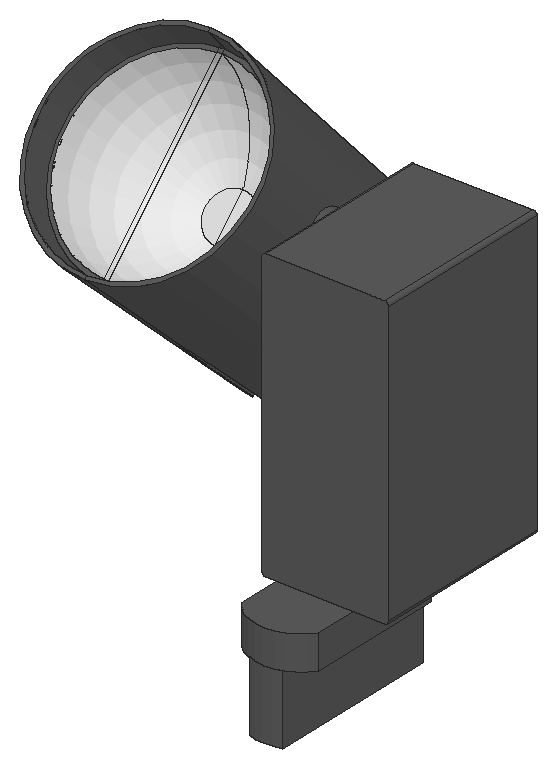
Revit family "0004848 Feilo Sylvania Lighting Fixture START TRACK SPOT S 14W 4K RA80 MB BLACK", category Lighting Fixtures, host Face, Revit 2017
Family settings
  Host = Face
  Round Connector Dimension = Use Diameter
  Part Type = Normal
  OmniClass Number = 23.80.70.00
  OmniClass Title = Lighting
  Cut with Voids When Loaded = No
  Light Source = No
  Shared = No
  Room Calculation Point = No
Parameters (values of type "0004848 START TRACK SPOT S 14W 4K RA80 MB BLACK")
  Weight = "0.94 kg"
  Wattage Comments = ""
  WarrantyStartDate [instance] = "n/a"
  WarrantyGuarantorParts = "n/a"
  WarrantyDurationUnit = "n/a"
  WarrantyDurationParts = "n/a"
  WarrantyDescription = "n/a"
  Voltage = 230 V
  URL = "http://www.sylvania-lighting.com"
  TypeName = "START TRACK SPOT S 14W 4K RA80 MB BLACK"
  TypeHead_FEILO = Start Track Spot Head : 0004848 START TRACK SPOT S 14W 4K RA80 MB BLACK
  TypeBox_FEILO = Start Track Spot Box : Type Small Black
  Type Image = <None>
  Type Comments = "n/a"
  VerticalRotation_FEILO [instance] = 0.00°
  SlideEndAngle_FEILO [instance] = VerticalRotation_FEILO + 180.00°  # 180.00°
  SerialNumber [instance] = "n/a"
  Material_3_FEILO = none
  PowerFactor = 0.92
  PowerConsumption = "14 W"
  NominalLength = 0 mm
  NominalHeight = 200 mm
  NominalDepth = 140 mm
  Name = "START TRACK SPOT S 14W 4K RA80 MB BLACK"
  ModelReference = Name  # "START TRACK SPOT S 14W 4K RA80 MB BLACK"
  ModelNumber = "0004848"
  Model = Name  # "START TRACK SPOT S 14W 4K RA80 MB BLACK"
  Material = "adc12 aluminium housing, polycarbonate diffuser"
  ManufacturerName = "Feilo Sylvania"
  Manufacturer = "Feilo Sylvania"
  LuminousEfficacy = "114 lm/W"
  LuminaireType = ""
  LightOutputRatio = "100"
  LampsType = Lamp  # "LED"
  LampNominalLuminous = "1598 lm"
  LampMacAdamStep = "3"
  LampColourTemperature = "4000 K"
  LampColourRenderingIndex = "80"
  Lamp = "LED"
  Keynote = "16500"
  InstallationDate [instance] = "n/a"
  InputVoltage = "230-240V~"
  InputNominalFrequency = "50/60 Hz"
  IngressProtection = "IP20"
  ImpactProtectionIndex = "IK02"
  IfcExportType = "IfcLightFixtureType"
  IfcExportAs = "IfcLightFixtureType"
  HorizontalRotation_FEILO [instance] = 45.00°
  ExpectedLife = 50000
  ElectricShockClassification = "Class II"
  DurationUnit = "hours"
  DocumentationLiterature = "http://www.sylvania-lighting.com/product/en-int/products/0004848"
  DimmingControlOptions = "Non dimmable"
  Material_2_FEILO = none
  Description = "Integrated LED spotlight, Textured Black - RAL9005, compact and minimalist design, ideal for retail applications, die-cast aluminium body, passive cooling heatsink. Beam angle: 36°, color temperature: 4000K , total system power: 14W, total fixture output: 1598 lm, LOR: 100%, colour rendering: Ra: 80 typical, LED Chromaticity: 3 step MacAdam ellipse, lifetime: >50000 hours at L70B50, energy class: A++, A+, A, IR/UV free light source without heat radiation, operating voltage: 220-240V / 50-60Hz, drive current: 350mA, electronic driver, non-dimmable, power factor: 0.92, electrical protection: Class II, Global Track 3 Phase adapter suitable for Global trac 3-circuit tracks, ingress protection rating: IP20, suitable for internal environment only, horizontal rotation: 355°, vertical tilt: 90°, dimensions: Ø86x140x200, weight: 0.940kg."
  Default Elevation = 1219.2 mm
  CreatedOn = "12/12/2017"
  CreatedBy = ""
  Cost = 0
  built-in parameter 1114216 [instance] = (empty or 0)
  ClassificationValue = "EF_70_80"
  ClassificationName = "Uniclass2015"
  Material_1_FEILO = Body-Sylvania-StartTrackSpot-Black
  BarCode [instance] = "n/a"
  AssetType = "Fixed"
  AssetIdentifier [instance] = "n/a"
  Assembly Code = "D5020200"
  Apparent Load = 14 VA
  Material_4_FEILO = none
Reference planes
  plane 1 "Center (Front/Back)": y = 0
  plane 2: z = 0
  plane 3 "Center (Left/Right)": x = 0
  plane 4: x = 15
  plane 5: x = -15
  plane 6: y = 35
  plane 7: y = -35
  plane 8: z = 13
  plane 9: z = -27
  plane 10: x = 6.5
  plane 11: x = -6.5
  plane 12: y = 27
  plane 13: y = -27
  plane 14: y = 20
Forms (mm)
  Extrusion 1, solid, material "Body-Sylvania-StartTrackSpot-Black" <- "Material_1_FEILO"
    sketch origin (0, 0, 0) x (1, 0, 0) y (0, 1, 0)
      loop
        line (-15, 27) -> (-15, -27)
        arc (-15, -27) -> (0, -35) -> (15, -27) r 18.062
        line (15, -27) -> (15, 27)
        arc (15, 27) -> (0, 35) -> (-15, 27) r 18.062
    from 0 to 13
  Extrusion 2, solid, material "Body-Sylvania-StartTrackSpot-Black" <- "Material_1_FEILO"
    sketch origin (0, 0, 0) x (1, 0, 0) y (0, 1, 0)
      loop
        arc (6.5, 33.79) -> (0, 35) -> (-6.5, 33.79) r 18.062
        line (-6.5, 33.79) -> (-6.5, -33.79)
        arc (-6.5, -33.79) -> (0, -35) -> (6.5, -33.79) r 18.062
        line (6.5, -33.79) -> (6.5, 33.79)
    from 0 to -27
  Revolve 3, solid, not visible
    sketch origin (1524, 20, 1219.2) x (1, 0, 0) y (0, 0, 1)
      loop
        line (-1524, -1206.2) -> (-1524, -1191.285) -> (-1530.5, -1191.285) -> (-1530.5, -1206.2) -> (-1524, -1206.2)
      axis (-1524, -1191.285) -> (-1524, -1206.2)
    angle from 0 <- "VerticalRotation_FEILO" to 180 <- "SlideEndAngle_FEILO"
Cuts and joins
  joined: Extrusion 1, Extrusion 2
Dimensions and locks
  equal spacing: plane 10, plane 3 "Center (Left/Right)", plane 11
  equal spacing: plane 4, plane 3 "Center (Left/Right)", plane 5
  locked: plane 8 to plane 2 at 13
  locked: plane 8 to plane 9 at 40
  equal spacing: plane 13, plane 1 "Center (Front/Back)", plane 12
  locked: plane 12 to plane 6 at 8
  locked: plane 14 to plane 6 at 15
  locked: Revolve 3 sketch curve to plane 8 at 14.915
  aligned and locked: plane 2 to host face
  aligned and locked: level to host face
  aligned and locked: plane 5 to Extrusion 1 sketch curve  (x2)
  aligned and locked: plane 12 to Extrusion 1 sketch curve
  aligned and locked: plane 13 to Extrusion 1 sketch curve
  aligned and locked: plane 4 to Extrusion 1 sketch curve
  aligned and locked: Extrusion 1 to plane 8
  aligned and locked: Extrusion 1 to level
  aligned and locked: Extrusion 2 sketch curve to Extrusion 1  (x2)
  aligned and locked: Extrusion 2 sketch curve to plane 11
  aligned and locked: plane 10 to Extrusion 2 sketch curve
  aligned and locked: plane 9 to Extrusion 2
  aligned and locked: level to Extrusion 2
  aligned and locked: Revolve 3 sketch curve to plane 3 "Center (Left/Right)"  (x2)
  aligned and locked: plane 11 to Revolve 3 sketch curve
  aligned and locked: Revolve 3 sketch curve to plane 8
Automatic sketch dimensions
  host sketch curve to host sketch curve = 2438.4 mm  (x2)
  Extrusion 1 sketch curve to plane 3 "Center (Left/Right)" = 0 mm  (x2)
  Extrusion 1 sketch curve to plane 13 = 10.062 mm
  plane 12 to Extrusion 1 sketch curve = 10.062 mm
  Revolve 3 sketch curve to plane 3 "Center (Left/Right)" = 0 mm
  plane 9 to Revolve 3 sketch curve = 582.6 mm
  Revolve 3 sketch curve to Revolve 3 sketch curve = 2581.144 mm
Nested families
  nested 1: "Start Track Spot Head" at (-62, 20, 112.529) x (0, 0.7071, 0.7071) z (0, 0.7071, -0.7071), type <- "TypeHead_FEILO", type "0004848 START TRACK SPOT S 14W 4K RA80 MB BLACK"
    with built-in parameter 1114216 (empty or 0)
  nested 2: "Start Track Spot Box" at (8.5, 20, 73) x (-1, 0, 0) z (0, -1, 0), BoxStartAngle_FEILO <- "HorizontalRotation_FEILO", type <- "TypeBox_FEILO", type "Type Small Black"
    with BoxStartAngle_FEILO 45.00°, BoxEndAngle_FEILO -135.00°
Connectors
  electrical at (0, 0, 0), driven by "Apparent Load", driven by "PowerFactor", driven by "Voltage"
    settings: index 1, voltage 230 V, apparent load 14 VA, apparent load phase1 0 VA, apparent load phase2 0 VA, apparent load phase3 0 VA, power factor 0.92, load classification "Lighting", number of poles 1, system type 30, power factor state 1, is connector primary yes, connector utility no, sub classification motor no, connector description ""
Definition of nested family "Start Track Spot Head"
  Parameters (values of type "0004811 START TRACK SPOT S 14W 3K RA80 NB WHITE")
    Wattage Comments = "n/a"
    Wattage = 14 W
    built-in parameter 1150110 = 1 (stored number, unit not read)
    URL = "http://www.feilosylvania.com"
    Type Image = (empty or 0)
    Type Comments = "n/a"
    built-in parameter 1114217 = 1 (stored number, unit not read)
    Tilt Angle = -90.00°
    built-in parameter 1150109 = 1 (stored number, unit not read)
    built-in parameter 1150134 = (empty or 0)
    built-in parameter 1150113 = 1 (stored number, unit not read)
    Photometric Web File = "0004811.ies"
    Material_3_FEILO = none
    Model = "START TRACK SPOT S 14W 3K RA80 NB WHITE"
    Manufacturer = "Feilo Sylvania"
    built-in parameter 1150105 = 123.66 (stored number, unit not read)
    Lumens = 1554 lm
    built-in parameter 1150115 = 1 (stored number, unit not read)
    built-in parameter 1150137 = (empty or 0)
    built-in parameter 1150139 = (empty or 0)
    built-in parameter 1150112 = 1 (stored number, unit not read)
    built-in parameter 1150114 = 1 (stored number, unit not read)
    Lamp = "LED"
    Keynote = "16500"
    Material_2_FEILO = none
    built-in parameter 1150132 = (empty or 0)
    built-in parameter 1150102 = (empty or 0)
    built-in parameter 1150107 = 3000 (stored number, unit not read)
    built-in parameter 1150138 = (empty or 0)
    built-in parameter 1150106 = 1.2366 (stored number, unit not read)
    HeadThickness_FEILO = if(HeadDiaOut_FEILO > 112 mm, 2 mm, 1.5 mm)  # 1.5 mm
    HeadRibOffset_FEILO = HeadHeight_FEILO / 28  # 4.179 mm
    HeadRibDepth_FEILO = HeadHeight_FEILO / 2.1  # 55.714 mm
    HeadRibCutWidth_FEILO = HeadDiaOut_FEILO / 12  # 7.167 mm
    HeadRibCutOffset_FEILO = HeadHeight_FEILO / 2.3  # 50.87 mm
    HeadReflectorRadius_FEILO = HeadDiaOut_FEILO / 1.7  # 50.588 mm
    HeadReflectorOffset_FEILO = HeadHeight_FEILO / 2.1  # 55.714 mm
    HeadLEDRadius_FEILO = HeadDiaOut_FEILO / 9  # 9.556 mm
    HeadHeight_FEILO = 117 mm
    HeadDraft_FEILO = 1 mm
    HeadDiffusorThickness_FEILO = 3 mm
    HeadDiffusorOffset_FEILO = HeadHeight_FEILO / 12.4  # 9.435 mm
    HeadDiaOut_FEILO = 86 mm
    HeadDiaIn_FEILO = HeadDiaOut_FEILO / 1.11  # 77.477 mm
    HeadAxisFromTop_FEILO = HeadHeight_FEILO / 1.687  # 69.354 mm
    Emit from Circle Diameter = HeadDiaIn_FEILO  # 77.477 mm
    Emit Shape Visible in Rendering = no
    built-in parameter 1150104 = 10.312 (stored number, unit not read)
    Dimming Lamp Color Temperature Shift = (empty or 0)
    Description = "Integrated LED spotlight, Textured White - RAL9016, compact and minimalist design, ideal for retail applications, die-cast aluminium body, passive cooling heatsink. Beam angle: 12°, color temperature: 3000K , total system power: 14W, total fixture output: 1551 lm, LOR: 100%, colour rendering: Ra: 80 typical, LED Chromaticity: 3 step MacAdam ellipse, lifetime: >50000 hours at L70B50, energy class: A++, A+, A, IR/UV free light source without heat radiation, operating voltage: 220-240V / 50-60Hz, drive current: 350mA, electronic driver, non-dimmable, power factor: 0.92, electrical protection: Class II, Global Track 3 Phase adapter suitable for Global trac 3-circuit tracks, ingress protection rating: IP20, suitable for internal environment only, horizontal rotation: 355°, vertical tilt: 90°, dimensions: Ø86x140x200, weight: 0.940kg."
    Default Elevation = 1219.2 mm
    Cost = 0
    Color Filter = 16777215
    built-in parameter 1114216 [instance] = (empty or 0)
    Material_1_FEILO = none
    built-in parameter 1114218 = 1 (stored number, unit not read)
    built-in parameter 1150133 = 10 (stored number, unit not read)
    Assembly Code = "D5020200"
    Apparent Load = 14 VA
    Material_4_FEILO = none
  Types (96, lengths in mm): name | Wattage | built-in parameter 1150134 | Photometric Web File | Model | built-in parameter 1150105 | Lumens | built-in parameter 1150107 | built-in parameter 1150106 | HeadThickness_FEILO | HeadRibOffset_FEILO | HeadRibDepth_FEILO | HeadRibCutWidth_FEILO | HeadRibCutOffset_FEILO | HeadReflectorRadius_FEILO | HeadReflectorOffset_FEILO | HeadLEDRadius_FEILO | HeadHeight_FEILO | HeadDiffusorOffset_FEILO | HeadDiaOut_FEILO | HeadDiaIn_FEILO | HeadAxisFromTop_FEILO | Emit from Circle Diameter | built-in parameter 1150104 | Description | Apparent Load
    0004906 START TRACK SPOT L 55W 4K RA90 WB BLACK | 55 W | 12 | "0004906.ies" | "START TRACK SPOT L 55W 4K RA90 WB BLACK" | 385.15 (stored number, unit not read) | 4840 lm | 4000 (stored number, unit not read) | 3.8515 (stored number, unit not read) | 2 | 4.429 | 59.048 | 9.417 | 53.913 | 66.471 | 59.048 | 12.556 | 124 | 10 | 113 | 101.802 | 73.503 | 101.802 | 8.1755 (stored number, unit not read) | "Integrated LED spotlight, Textured Black - RAL9005, compact and minimalist design, ideal for retail applications, die-cast aluminium body, passive cooling heatsink. Beam angle: 52°, color temperature: 4000K , total system power: 55W, total fixture output: 4824 lm, LOR: 100%, colour rendering: Ra: 90 typical, LED Chromaticity: 3 step MacAdam ellipse, lifetime: >50000 hours at L70B50, energy class: A++, A+, A, IR/UV free light source without heat radiation, operating voltage: 220-240V / 50-60Hz, drive current: 1400mA, electronic driver, non-dimmable, power factor: 0.96, electrical protection: Class II, Global Track 3 Phase adapter suitable for Global trac 3-circuit tracks, ingress protection rating: IP20, suitable for internal environment only, horizontal rotation: 355°, vertical tilt: 90°, dimensions: Ø113x164x240, weight: 1.398kg." | 55 VA
    0004905 START TRACK SPOT L 55W 4K RA90 MB BLACK | 55 W | 12 | "0004905.ies" | "START TRACK SPOT L 55W 4K RA90 MB BLACK" | 389.53 (stored number, unit not read) | 4895 lm | 4000 (stored number, unit not read) | 3.8953 (stored number, unit not read) | 2 | 4.429 | 59.048 | 9.417 | 53.913 | 66.471 | 59.048 | 12.556 | 124 | 10 | 113 | 101.802 | 73.503 | 101.802 | 8.2684 (stored number, unit not read) | "Integrated LED spotlight, Textured Black - RAL9005, compact and minimalist design, ideal for retail applications, die-cast aluminium body, passive cooling heatsink. Beam angle: 38°, color temperature: 4000K , total system power: 55W, total fixture output: 4897 lm, LOR: 100%, colour rendering: Ra: 90 typical, LED Chromaticity: 3 step MacAdam ellipse, lifetime: >50000 hours at L70B50, energy class: A++, A+, A, IR/UV free light source without heat radiation, operating voltage: 220-240V / 50-60Hz, drive current: 1400mA, electronic driver, non-dimmable, power factor: 0.96, electrical protection: Class II, Global Track 3 Phase adapter suitable for Global trac 3-circuit tracks, ingress protection rating: IP20, suitable for internal environment only, horizontal rotation: 355°, vertical tilt: 90°, dimensions: Ø113x164x240, weight: 1.398kg." | 55 VA
    0004904 START TRACK SPOT L 55W 4K RA90 NB BLACK | 55 W | 12 | "0004904.ies" | "START TRACK SPOT L 55W 4K RA90 NB BLACK" | 393.91 (stored number, unit not read) | 4950 lm | 4000 (stored number, unit not read) | 3.9391 (stored number, unit not read) | 2 | 4.429 | 59.048 | 9.417 | 53.913 | 66.471 | 59.048 | 12.556 | 124 | 10 | 113 | 101.802 | 73.503 | 101.802 | 8.3613 (stored number, unit not read) | "Integrated LED spotlight, Textured Black - RAL9005, compact and minimalist design, ideal for retail applications, die-cast aluminium body, passive cooling heatsink. Beam angle: 15°, color temperature: 4000K , total system power: 55W, total fixture output: 4965 lm, LOR: 100%, colour rendering: Ra: 90 typical, LED Chromaticity: 3 step MacAdam ellipse, lifetime: >50000 hours at L70B50, energy class: A++, A+, A, IR/UV free light source without heat radiation, operating voltage: 220-240V / 50-60Hz, drive current: 1400mA, electronic driver, non-dimmable, power factor: 0.96, electrical protection: Class II, Global Track 3 Phase adapter suitable for Global trac 3-circuit tracks, ingress protection rating: IP20, suitable for internal environment only, horizontal rotation: 355°, vertical tilt: 90°, dimensions: Ø113x164x240, weight: 1.398kg." | 55 VA
    0004903 START TRACK SPOT L 35W 4K RA90 WB BLACK | 35 W | 12 | "0004903.ies" | "START TRACK SPOT L 35W 4K RA90 WB BLACK" | 284.09 (stored number, unit not read) | 3570 lm | 4000 (stored number, unit not read) | 2.8409 (stored number, unit not read) | 2 | 4.429 | 59.048 | 9.417 | 53.913 | 66.471 | 59.048 | 12.556 | 124 | 10 | 113 | 101.802 | 73.503 | 101.802 | 9.4761 (stored number, unit not read) | "Integrated LED spotlight, Textured Black - RAL9005, compact and minimalist design, ideal for retail applications, die-cast aluminium body, passive cooling heatsink. Beam angle: 52°, color temperature: 4000K , total system power: 35W, total fixture output: 3562 lm, LOR: 100%, colour rendering: Ra: 90 typical, LED Chromaticity: 3 step MacAdam ellipse, lifetime: >50000 hours at L70B50, energy class: A++, A+, A, IR/UV free light source without heat radiation, operating voltage: 220-240V / 50-60Hz, drive current: 900mA, electronic driver, non-dimmable, power factor: 0.93, electrical protection: Class II, Global Track 3 Phase adapter suitable for Global trac 3-circuit tracks, ingress protection rating: IP20, suitable for internal environment only, horizontal rotation: 355°, vertical tilt: 90°, dimensions: Ø113x164x240, weight: 1.368kg." | 35 VA
    0004902 START TRACK SPOT L 35W 4K RA90 MB BLACK | 35 W | 12 | "0004902.ies" | "START TRACK SPOT L 35W 4K RA90 MB BLACK" | 286.88 (stored number, unit not read) | 3605 lm | 4000 (stored number, unit not read) | 2.8688 (stored number, unit not read) | 2 | 4.429 | 59.048 | 9.417 | 53.913 | 66.471 | 59.048 | 12.556 | 124 | 10 | 113 | 101.802 | 73.503 | 101.802 | 9.569 (stored number, unit not read) | "Integrated LED spotlight, Textured Black - RAL9005, compact and minimalist design, ideal for retail applications, die-cast aluminium body, passive cooling heatsink. Beam angle: 38°, color temperature: 4000K , total system power: 35W, total fixture output: 3616 lm, LOR: 100%, colour rendering: Ra: 90 typical, LED Chromaticity: 3 step MacAdam ellipse, lifetime: >50000 hours at L70B50, energy class: A++, A+, A, IR/UV free light source without heat radiation, operating voltage: 220-240V / 50-60Hz, drive current: 900mA, electronic driver, non-dimmable, power factor: 0.93, electrical protection: Class II, Global Track 3 Phase adapter suitable for Global trac 3-circuit tracks, ingress protection rating: IP20, suitable for internal environment only, horizontal rotation: 355°, vertical tilt: 90°, dimensions: Ø113x164x240, weight: 1.368kg." | 35 VA
    0004901 START TRACK SPOT L 35W 4K RA90 NB BLACK | 35 W | 12 | "0004901.ies" | "START TRACK SPOT L 35W 4K RA90 NB BLACK" | 286.88 (stored number, unit not read) | 3605 lm | 4000 (stored number, unit not read) | 2.8688 (stored number, unit not read) | 2 | 4.429 | 59.048 | 9.417 | 53.913 | 66.471 | 59.048 | 12.556 | 124 | 10 | 113 | 101.802 | 73.503 | 101.802 | 9.569 (stored number, unit not read) | "Integrated LED spotlight, Textured Black - RAL9005, compact and minimalist design, ideal for retail applications, die-cast aluminium body, passive cooling heatsink. Beam angle: 15°, color temperature: 4000K , total system power: 35W, total fixture output: 3593 lm, LOR: 100%, colour rendering: Ra: 90 typical, LED Chromaticity: 3 step MacAdam ellipse, lifetime: >50000 hours at L70B50, energy class: A++, A+, A, IR/UV free light source without heat radiation, operating voltage: 220-240V / 50-60Hz, drive current: 900mA, electronic driver, non-dimmable, power factor: 0.93, electrical protection: Class II, Global Track 3 Phase adapter suitable for Global trac 3-circuit tracks, ingress protection rating: IP20, suitable for internal environment only, horizontal rotation: 355°, vertical tilt: 90°, dimensions: Ø113x164x240, weight: 1.368kg." | 35 VA
    0004900 START TRACK SPOT S 24W 4K RA90 WB BLACK | 24 W | 12 | "0004900.ies" | "START TRACK SPOT S 24W 4K RA90 WB BLACK" | 166.16 (stored number, unit not read) | 2088 lm | 4000 (stored number, unit not read) | 1.6616 (stored number, unit not read) | 1.5 | 4.179 | 55.714 | 7.167 | 50.87 | 50.588 | 55.714 | 9.556 | 117 | 9.435 | 86 | 77.477 | 69.354 | 77.477 | 8.0826 (stored number, unit not read) | "Integrated LED spotlight, Textured Black - RAL9005, compact and minimalist design, ideal for retail applications, die-cast aluminium body, passive cooling heatsink. Beam angle: 64°, color temperature: 4000K , total system power: 24W, total fixture output: 2087 lm, LOR: 100%, colour rendering: Ra: 90 typical, LED Chromaticity: 3 step MacAdam ellipse, lifetime: >50000 hours at L70B50, energy class: A++, A+, A, IR/UV free light source without heat radiation, operating voltage: 220-240V / 50-60Hz, drive current: 600mA, electronic driver, non-dimmable, power factor: 0.95, electrical protection: Class II, Global Track 3 Phase adapter suitable for Global trac 3-circuit tracks, ingress protection rating: IP20, suitable for internal environment only, horizontal rotation: 355°, vertical tilt: 90°, dimensions: Ø86x140x200, weight: 0.966kg." | 24 VA
    0004899 START TRACK SPOT S 24W 4K RA90 MB BLACK | 24 W | 12 | "0004899.ies" | "START TRACK SPOT S 24W 4K RA90 MB BLACK" | 169.98 (stored number, unit not read) | 2136 lm | 4000 (stored number, unit not read) | 1.6998 (stored number, unit not read) | 1.5 | 4.179 | 55.714 | 7.167 | 50.87 | 50.588 | 55.714 | 9.556 | 117 | 9.435 | 86 | 77.477 | 69.354 | 77.477 | 8.2684 (stored number, unit not read) | "Integrated LED spotlight, Textured Black - RAL9005, compact and minimalist design, ideal for retail applications, die-cast aluminium body, passive cooling heatsink. Beam angle: 36°, color temperature: 4000K , total system power: 24W, total fixture output: 2141 lm, LOR: 100%, colour rendering: Ra: 90 typical, LED Chromaticity: 3 step MacAdam ellipse, lifetime: >50000 hours at L70B50, energy class: A++, A+, A, IR/UV free light source without heat radiation, operating voltage: 220-240V / 50-60Hz, drive current: 600mA, electronic driver, non-dimmable, power factor: 0.95, electrical protection: Class II, Global Track 3 Phase adapter suitable for Global trac 3-circuit tracks, ingress protection rating: IP20, suitable for internal environment only, horizontal rotation: 355°, vertical tilt: 90°, dimensions: Ø86x140x200, weight: 0.966kg." | 24 VA
    0004898 START TRACK SPOT S 24W 4K RA90 NB BLACK | 24 W | 12 | "0004898.ies" | "START TRACK SPOT S 24W 4K RA90 NB BLACK" | 171.89 (stored number, unit not read) | 2160 lm | 4000 (stored number, unit not read) | 1.7189 (stored number, unit not read) | 1.5 | 4.179 | 55.714 | 7.167 | 50.87 | 50.588 | 55.714 | 9.556 | 117 | 9.435 | 86 | 77.477 | 69.354 | 77.477 | 8.3613 (stored number, unit not read) | "Integrated LED spotlight, Textured Black - RAL9005, compact and minimalist design, ideal for retail applications, die-cast aluminium body, passive cooling heatsink. Beam angle: 12°, color temperature: 4000K , total system power: 24W, total fixture output: 2155 lm, LOR: 100%, colour rendering: Ra: 90 typical, LED Chromaticity: 3 step MacAdam ellipse, lifetime: >50000 hours at L70B50, energy class: A++, A+, A, IR/UV free light source without heat radiation, operating voltage: 220-240V / 50-60Hz, drive current: 600mA, electronic driver, non-dimmable, power factor: 0.95, electrical protection: Class II, Global Track 3 Phase adapter suitable for Global trac 3-circuit tracks, ingress protection rating: IP20, suitable for internal environment only, horizontal rotation: 355°, vertical tilt: 90°, dimensions: Ø86x140x200, weight: 0.966kg." | 24 VA
    0004897 START TRACK SPOT S 14W 4K RA90 WB BLACK | 14 W | 12 | "0004897.ies" | "START TRACK SPOT S 14W 4K RA90 WB BLACK" | 108.07 (stored number, unit not read) | 1358 lm | 4000 (stored number, unit not read) | 1.0807 (stored number, unit not read) | 1.5 | 4.179 | 55.714 | 7.167 | 50.87 | 50.588 | 55.714 | 9.556 | 117 | 9.435 | 86 | 77.477 | 69.354 | 77.477 | 9.0116 (stored number, unit not read) | "Integrated LED spotlight, Textured Black - RAL9005, compact and minimalist design, ideal for retail applications, die-cast aluminium body, passive cooling heatsink. Beam angle: 64°, color temperature: 4000K , total system power: 14W, total fixture output: 1352 lm, LOR: 100%, colour rendering: Ra: 90 typical, LED Chromaticity: 3 step MacAdam ellipse, lifetime: >50000 hours at L70B50, energy class: A++, A+, A, IR/UV free light source without heat radiation, operating voltage: 220-240V / 50-60Hz, drive current: 350mA, electronic driver, non-dimmable, power factor: 0.92, electrical protection: Class II, Global Track 3 Phase adapter suitable for Global trac 3-circuit tracks, ingress protection rating: IP20, suitable for internal environment only, horizontal rotation: 355°, vertical tilt: 90°, dimensions: Ø86x140x200, weight: 0.940kg." | 14 VA
    0004896 START TRACK SPOT S 14W 4K RA90 MB BLACK | 14 W | 12 | "0004896.ies" | "START TRACK SPOT S 14W 4K RA90 MB BLACK" | 108.07 (stored number, unit not read) | 1358 lm | 4000 (stored number, unit not read) | 1.0807 (stored number, unit not read) | 1.5 | 4.179 | 55.714 | 7.167 | 50.87 | 50.588 | 55.714 | 9.556 | 117 | 9.435 | 86 | 77.477 | 69.354 | 77.477 | 9.0116 (stored number, unit not read) | "Integrated LED spotlight, Textured Black - RAL9005, compact and minimalist design, ideal for retail applications, die-cast aluminium body, passive cooling heatsink. Beam angle: 36°, color temperature: 4000K , total system power: 14W, total fixture output: 1359 lm, LOR: 100%, colour rendering: Ra: 90 typical, LED Chromaticity: 3 step MacAdam ellipse, lifetime: >50000 hours at L70B50, energy class: A++, A+, A, IR/UV free light source without heat radiation, operating voltage: 220-240V / 50-60Hz, drive current: 350mA, electronic driver, non-dimmable, power factor: 0.92, electrical protection: Class II, Global Track 3 Phase adapter suitable for Global trac 3-circuit tracks, ingress protection rating: IP20, suitable for internal environment only, horizontal rotation: 355°, vertical tilt: 90°, dimensions: Ø86x140x200, weight: 0.940kg." | 14 VA
    0004895 START TRACK SPOT S 14W 4K RA90 NB BLACK | 14 W | 12 | "0004895.ies" | "START TRACK SPOT S 14W 4K RA90 NB BLACK" | 106.95 (stored number, unit not read) | 1344 lm | 4000 (stored number, unit not read) | 1.0695 (stored number, unit not read) | 1.5 | 4.179 | 55.714 | 7.167 | 50.87 | 50.588 | 55.714 | 9.556 | 117 | 9.435 | 86 | 77.477 | 69.354 | 77.477 | 8.9187 (stored number, unit not read) | "Integrated LED spotlight, Textured Black - RAL9005, compact and minimalist design, ideal for retail applications, die-cast aluminium body, passive cooling heatsink. Beam angle: 12°, color temperature: 4000K , total system power: 14W, total fixture output: 1349 lm, LOR: 100%, colour rendering: Ra: 90 typical, LED Chromaticity: 3 step MacAdam ellipse, lifetime: >50000 hours at L70B50, energy class: A++, A+, A, IR/UV free light source without heat radiation, operating voltage: 220-240V / 50-60Hz, drive current: 350mA, electronic driver, non-dimmable, power factor: 0.92, electrical protection: Class II, Global Track 3 Phase adapter suitable for Global trac 3-circuit tracks, ingress protection rating: IP20, suitable for internal environment only, horizontal rotation: 355°, vertical tilt: 90°, dimensions: Ø86x140x200, weight: 0.940kg." | 14 VA
    0004894 START TRACK SPOT L 55W 3K RA90 WB BLACK | 55 W | (empty or 0) | "0004894.ies" | "START TRACK SPOT L 55W 3K RA90 WB BLACK" | 350.14 (stored number, unit not read) | 4400 lm | 3000 (stored number, unit not read) | 3.5014 (stored number, unit not read) | 2 | 4.429 | 59.048 | 9.417 | 53.913 | 66.471 | 59.048 | 12.556 | 124 | 10 | 113 | 101.802 | 73.503 | 101.802 | 7.4322 (stored number, unit not read) | "Integrated LED spotlight, Textured Black - RAL9005, compact and minimalist design, ideal for retail applications, die-cast aluminium body, passive cooling heatsink. Beam angle: 52°, color temperature: 3000K , total system power: 55W, total fixture output: 4405 lm, LOR: 100%, colour rendering: Ra: 90 typical, LED Chromaticity: 3 step MacAdam ellipse, lifetime: >50000 hours at L70B50, energy class: A++, A+, A, IR/UV free light source without heat radiation, operating voltage: 220-240V / 50-60Hz, drive current: 1400mA, electronic driver, non-dimmable, power factor: 0.96, electrical protection: Class II, Global Track 3 Phase adapter suitable for Global trac 3-circuit tracks, ingress protection rating: IP20, suitable for internal environment only, horizontal rotation: 355°, vertical tilt: 90°, dimensions: Ø113x164x240, weight: 1.398kg." | 55 VA
    0004893 START TRACK SPOT L 55W 3K RA90 MB BLACK | 55 W | (empty or 0) | "0004893.ies" | "START TRACK SPOT L 55W 3K RA90 MB BLACK" | 354.52 (stored number, unit not read) | 4455 lm | 3000 (stored number, unit not read) | 3.5452 (stored number, unit not read) | 2 | 4.429 | 59.048 | 9.417 | 53.913 | 66.471 | 59.048 | 12.556 | 124 | 10 | 113 | 101.802 | 73.503 | 101.802 | 7.5251 (stored number, unit not read) | "Integrated LED spotlight, Textured Black - RAL9005, compact and minimalist design, ideal for retail applications, die-cast aluminium body, passive cooling heatsink. Beam angle: 38°, color temperature: 3000K , total system power: 55W, total fixture output: 4448 lm, LOR: 100%, colour rendering: Ra: 90 typical, LED Chromaticity: 3 step MacAdam ellipse, lifetime: >50000 hours at L70B50, energy class: A++, A+, A, IR/UV free light source without heat radiation, operating voltage: 220-240V / 50-60Hz, drive current: 1400mA, electronic driver, non-dimmable, power factor: 0.96, electrical protection: Class II, Global Track 3 Phase adapter suitable for Global trac 3-circuit tracks, ingress protection rating: IP20, suitable for internal environment only, horizontal rotation: 355°, vertical tilt: 90°, dimensions: Ø113x164x240, weight: 1.398kg." | 55 VA
    0004892 START TRACK SPOT L 55W 3K RA90 NB BLACK | 55 W | (empty or 0) | "0004892.ies" | "START TRACK SPOT L 55W 3K RA90 NB BLACK" | 350.14 (stored number, unit not read) | 4400 lm | 3000 (stored number, unit not read) | 3.5014 (stored number, unit not read) | 2 | 4.429 | 59.048 | 9.417 | 53.913 | 66.471 | 59.048 | 12.556 | 124 | 10 | 113 | 101.802 | 73.503 | 101.802 | 7.4322 (stored number, unit not read) | "Integrated LED spotlight, Textured Black - RAL9005, compact and minimalist design, ideal for retail applications, die-cast aluminium body, passive cooling heatsink. Beam angle: 15°, color temperature: 3000K , total system power: 55W, total fixture output: 4416 lm, LOR: 100%, colour rendering: Ra: 90 typical, LED Chromaticity: 3 step MacAdam ellipse, lifetime: >50000 hours at L70B50, energy class: A++, A+, A, IR/UV free light source without heat radiation, operating voltage: 220-240V / 50-60Hz, drive current: 1400mA, electronic driver, non-dimmable, power factor: 0.96, electrical protection: Class II, Global Track 3 Phase adapter suitable for Global trac 3-circuit tracks, ingress protection rating: IP20, suitable for internal environment only, horizontal rotation: 355°, vertical tilt: 90°, dimensions: Ø113x164x240, weight: 1.398kg." | 55 VA
    0004891 START TRACK SPOT L 35W 3K RA90 WB BLACK | 35 W | (empty or 0) | "0004891.ies" | "START TRACK SPOT L 35W 3K RA90 WB BLACK" | 259.02 (stored number, unit not read) | 3255 lm | 3000 (stored number, unit not read) | 2.5902 (stored number, unit not read) | 2 | 4.429 | 59.048 | 9.417 | 53.913 | 66.471 | 59.048 | 12.556 | 124 | 10 | 113 | 101.802 | 73.503 | 101.802 | 8.64 (stored number, unit not read) | "Integrated LED spotlight, Textured Black - RAL9005, compact and minimalist design, ideal for retail applications, die-cast aluminium body, passive cooling heatsink. Beam angle: 52°, color temperature: 3000K , total system power: 35W, total fixture output: 3260 lm, LOR: 100%, colour rendering: Ra: 90 typical, LED Chromaticity: 3 step MacAdam ellipse, lifetime: >50000 hours at L70B50, energy class: A++, A+, A, IR/UV free light source without heat radiation, operating voltage: 220-240V / 50-60Hz, drive current: 900mA, electronic driver, non-dimmable, power factor: 0.93, electrical protection: Class II, Global Track 3 Phase adapter suitable for Global trac 3-circuit tracks, ingress protection rating: IP20, suitable for internal environment only, horizontal rotation: 355°, vertical tilt: 90°, dimensions: Ø113x164x240, weight: 1.368kg." | 35 VA
    0004890 START TRACK SPOT L 35W 3K RA90 MB BLACK | 35 W | (empty or 0) | "0004890.ies" | "START TRACK SPOT L 35W 3K RA90 MB BLACK" | 261.81 (stored number, unit not read) | 3290 lm | 3000 (stored number, unit not read) | 2.6181 (stored number, unit not read) | 2 | 4.429 | 59.048 | 9.417 | 53.913 | 66.471 | 59.048 | 12.556 | 124 | 10 | 113 | 101.802 | 73.503 | 101.802 | 8.7329 (stored number, unit not read) | "Integrated LED spotlight, Textured Black - RAL9005, compact and minimalist design, ideal for retail applications, die-cast aluminium body, passive cooling heatsink. Beam angle: 38°, color temperature: 3000K , total system power: 35W, total fixture output: 3306 lm, LOR: 100%, colour rendering: Ra: 90 typical, LED Chromaticity: 3 step MacAdam ellipse, lifetime: >50000 hours at L70B50, energy class: A++, A+, A, IR/UV free light source without heat radiation, operating voltage: 220-240V / 50-60Hz, drive current: 900mA, electronic driver, non-dimmable, power factor: 0.93, electrical protection: Class II, Global Track 3 Phase adapter suitable for Global trac 3-circuit tracks, ingress protection rating: IP20, suitable for internal environment only, horizontal rotation: 355°, vertical tilt: 90°, dimensions: Ø113x164x240, weight: 1.368kg." | 35 VA
    0004889 START TRACK SPOT L 35W 3K RA90 NB BLACK | 35 W | (empty or 0) | "0004889.ies" | "START TRACK SPOT L 35W 3K RA90 NB BLACK" | 261.81 (stored number, unit not read) | 3290 lm | 3000 (stored number, unit not read) | 2.6181 (stored number, unit not read) | 2 | 4.429 | 59.048 | 9.417 | 53.913 | 66.471 | 59.048 | 12.556 | 124 | 10 | 113 | 101.802 | 73.503 | 101.802 | 8.7329 (stored number, unit not read) | "Integrated LED spotlight, Textured Black - RAL9005, compact and minimalist design, ideal for retail applications, die-cast aluminium body, passive cooling heatsink. Beam angle: 15°, color temperature: 3000K , total system power: 35W, total fixture output: 3287 lm, LOR: 100%, colour rendering: Ra: 90 typical, LED Chromaticity: 3 step MacAdam ellipse, lifetime: >50000 hours at L70B50, energy class: A++, A+, A, IR/UV free light source without heat radiation, operating voltage: 220-240V / 50-60Hz, drive current: 900mA, electronic driver, non-dimmable, power factor: 0.93, electrical protection: Class II, Global Track 3 Phase adapter suitable for Global trac 3-circuit tracks, ingress protection rating: IP20, suitable for internal environment only, horizontal rotation: 355°, vertical tilt: 90°, dimensions: Ø113x164x240, weight: 1.368kg." | 35 VA
    0004888 START TRACK SPOT S 24W 3K RA90 WB BLACK | 24 W | (empty or 0) | "0004888.ies" | "START TRACK SPOT S 24W 3K RA90 WB BLACK" | 152.79 (stored number, unit not read) | 1920 lm | 3000 (stored number, unit not read) | 1.5279 (stored number, unit not read) | 1.5 | 4.179 | 55.714 | 7.167 | 50.87 | 50.588 | 55.714 | 9.556 | 117 | 9.435 | 86 | 77.477 | 69.354 | 77.477 | 7.4322 (stored number, unit not read) | "Integrated LED spotlight, Textured Black - RAL9005, compact and minimalist design, ideal for retail applications, die-cast aluminium body, passive cooling heatsink. Beam angle: 64°, color temperature: 3000K , total system power: 24W, total fixture output: 1928 lm, LOR: 100%, colour rendering: Ra: 90 typical, LED Chromaticity: 3 step MacAdam ellipse, lifetime: >50000 hours at L70B50, energy class: A++, A+, A, IR/UV free light source without heat radiation, operating voltage: 220-240V / 50-60Hz, drive current: 600mA, electronic driver, non-dimmable, power factor: 0.95, electrical protection: Class II, Global Track 3 Phase adapter suitable for Global trac 3-circuit tracks, ingress protection rating: IP20, suitable for internal environment only, horizontal rotation: 355°, vertical tilt: 90°, dimensions: Ø86x140x200, weight: 0.966kg." | 24 VA
    0004887 START TRACK SPOT S 24W 3K RA90 MB BLACK | 24 W | (empty or 0) | "0004887.ies" | "START TRACK SPOT S 24W 3K RA90 MB BLACK" | 154.7 (stored number, unit not read) | 1944 lm | 3000 (stored number, unit not read) | 1.547 (stored number, unit not read) | 1.5 | 4.179 | 55.714 | 7.167 | 50.87 | 50.588 | 55.714 | 9.556 | 117 | 9.435 | 86 | 77.477 | 69.354 | 77.477 | 7.5251 (stored number, unit not read) | "Integrated LED spotlight, Textured Black - RAL9005, compact and minimalist design, ideal for retail applications, die-cast aluminium body, passive cooling heatsink. Beam angle: 36°, color temperature: 3000K , total system power: 24W, total fixture output: 1944 lm, LOR: 100%, colour rendering: Ra: 90 typical, LED Chromaticity: 3 step MacAdam ellipse, lifetime: >50000 hours at L70B50, energy class: A++, A+, A, IR/UV free light source without heat radiation, operating voltage: 220-240V / 50-60Hz, drive current: 600mA, electronic driver, non-dimmable, power factor: 0.95, electrical protection: Class II, Global Track 3 Phase adapter suitable for Global trac 3-circuit tracks, ingress protection rating: IP20, suitable for internal environment only, horizontal rotation: 355°, vertical tilt: 90°, dimensions: Ø86x140x200, weight: 0.966kg." | 24 VA
    0004886 START TRACK SPOT S 24W 3K RA90 NB BLACK | 24 W | (empty or 0) | "0004886.ies" | "START TRACK SPOT S 24W 3K RA90 NB BLACK" | 158.52 (stored number, unit not read) | 1992 lm | 3000 (stored number, unit not read) | 1.5852 (stored number, unit not read) | 1.5 | 4.179 | 55.714 | 7.167 | 50.87 | 50.588 | 55.714 | 9.556 | 117 | 9.435 | 86 | 77.477 | 69.354 | 77.477 | 7.711 (stored number, unit not read) | "Integrated LED spotlight, Textured Black - RAL9005, compact and minimalist design, ideal for retail applications, die-cast aluminium body, passive cooling heatsink. Beam angle: 12°, color temperature: 3000K , total system power: 24W, total fixture output: 1987 lm, LOR: 100%, colour rendering: Ra: 90 typical, LED Chromaticity: 3 step MacAdam ellipse, lifetime: >50000 hours at L70B50, energy class: A++, A+, A, IR/UV free light source without heat radiation, operating voltage: 220-240V / 50-60Hz, drive current: 600mA, electronic driver, non-dimmable, power factor: 0.95, electrical protection: Class II, Global Track 3 Phase adapter suitable for Global trac 3-circuit tracks, ingress protection rating: IP20, suitable for internal environment only, horizontal rotation: 355°, vertical tilt: 90°, dimensions: Ø86x140x200, weight: 0.966kg." | 24 VA
    0004885 START TRACK SPOT S 14W 3K RA90 WB BLACK | 14 W | (empty or 0) | "0004885.ies" | "START TRACK SPOT S 14W 3K RA90 WB BLACK" | 100.27 (stored number, unit not read) | 1260 lm | 3000 (stored number, unit not read) | 1.0027 (stored number, unit not read) | 1.5 | 4.179 | 55.714 | 7.167 | 50.87 | 50.588 | 55.714 | 9.556 | 117 | 9.435 | 86 | 77.477 | 69.354 | 77.477 | 8.3613 (stored number, unit not read) | "Integrated LED spotlight, Textured Black - RAL9005, compact and minimalist design, ideal for retail applications, die-cast aluminium body, passive cooling heatsink. Beam angle: 64°, color temperature: 3000K , total system power: 14W, total fixture output: 1262 lm, LOR: 100%, colour rendering: Ra: 90 typical, LED Chromaticity: 3 step MacAdam ellipse, lifetime: >50000 hours at L70B50, energy class: A++, A+, A, IR/UV free light source without heat radiation, operating voltage: 220-240V / 50-60Hz, drive current: 350mA, electronic driver, non-dimmable, power factor: 0.92, electrical protection: Class II, Global Track 3 Phase adapter suitable for Global trac 3-circuit tracks, ingress protection rating: IP20, suitable for internal environment only, horizontal rotation: 355°, vertical tilt: 90°, dimensions: Ø86x140x200, weight: 0.940kg." | 14 VA
    0004884 START TRACK SPOT S 14W 3K RA90 MB BLACK | 14 W | (empty or 0) | "0004884.ies" | "START TRACK SPOT S 14W 3K RA90 MB BLACK" | 100.27 (stored number, unit not read) | 1260 lm | 3000 (stored number, unit not read) | 1.0027 (stored number, unit not read) | 1.5 | 4.179 | 55.714 | 7.167 | 50.87 | 50.588 | 55.714 | 9.556 | 117 | 9.435 | 86 | 77.477 | 69.354 | 77.477 | 8.3613 (stored number, unit not read) | "Integrated LED spotlight, Textured Black - RAL9005, compact and minimalist design, ideal for retail applications, die-cast aluminium body, passive cooling heatsink. Beam angle: 36°, color temperature: 3000K , total system power: 14W, total fixture output: 1262 lm, LOR: 100%, colour rendering: Ra: 90 typical, LED Chromaticity: 3 step MacAdam ellipse, lifetime: >50000 hours at L70B50, energy class: A++, A+, A, IR/UV free light source without heat radiation, operating voltage: 220-240V / 50-60Hz, drive current: 350mA, electronic driver, non-dimmable, power factor: 0.92, electrical protection: Class II, Global Track 3 Phase adapter suitable for Global trac 3-circuit tracks, ingress protection rating: IP20, suitable for internal environment only, horizontal rotation: 355°, vertical tilt: 90°, dimensions: Ø86x140x200, weight: 0.940kg." | 14 VA
    0004883 START TRACK SPOT S 14W 3K RA90 NB BLACK | 14 W | (empty or 0) | "0004883.ies" | "START TRACK SPOT S 14W 3K RA90 NB BLACK" | 102.5 (stored number, unit not read) | 1288 lm | 3000 (stored number, unit not read) | 1.025 (stored number, unit not read) | 1.5 | 4.179 | 55.714 | 7.167 | 50.87 | 50.588 | 55.714 | 9.556 | 117 | 9.435 | 86 | 77.477 | 69.354 | 77.477 | 8.5471 (stored number, unit not read) | "Integrated LED spotlight, Textured Black - RAL9005, compact and minimalist design, ideal for retail applications, die-cast aluminium body, passive cooling heatsink. Beam angle: 12°, color temperature: 3000K , total system power: 14W, total fixture output: 1284 lm, LOR: 100%, colour rendering: Ra: 90 typical, LED Chromaticity: 3 step MacAdam ellipse, lifetime: >50000 hours at L70B50, energy class: A++, A+, A, IR/UV free light source without heat radiation, operating voltage: 220-240V / 50-60Hz, drive current: 350mA, electronic driver, non-dimmable, power factor: 0.92, electrical protection: Class II, Global Track 3 Phase adapter suitable for Global trac 3-circuit tracks, ingress protection rating: IP20, suitable for internal environment only, horizontal rotation: 355°, vertical tilt: 90°, dimensions: Ø86x140x200, weight: 0.940kg." | 14 VA
    0004882 START TRACK SPOT L 55W 4K RA90 WB WHITE | 55 W | 12 | "0004882.ies" | "START TRACK SPOT L 55W 4K RA90 WB WHITE" | 385.15 (stored number, unit not read) | 4840 lm | 4000 (stored number, unit not read) | 3.8515 (stored number, unit not read) | 2 | 4.429 | 59.048 | 9.417 | 53.913 | 66.471 | 59.048 | 12.556 | 124 | 10 | 113 | 101.802 | 73.503 | 101.802 | 8.1755 (stored number, unit not read) | "Integrated LED spotlight, Textured White - RAL9016, compact and minimalist design, ideal for retail applications, die-cast aluminium body, passive cooling heatsink. Beam angle: 52°, color temperature: 4000K , total system power: 55W, total fixture output: 4824 lm, LOR: 100%, colour rendering: Ra: 90 typical, LED Chromaticity: 3 step MacAdam ellipse, lifetime: >50000 hours at L70B50, energy class: A++, A+, A, IR/UV free light source without heat radiation, operating voltage: 220-240V / 50-60Hz, drive current: 1400mA, electronic driver, non-dimmable, power factor: 0.96, electrical protection: Class II, Global Track 3 Phase adapter suitable for Global trac 3-circuit tracks, ingress protection rating: IP20, suitable for internal environment only, horizontal rotation: 355°, vertical tilt: 90°, dimensions: Ø113x164x240, weight: 1.398kg." | 55 VA
    0004881 START TRACK SPOT L 55W 4K RA90 MB WHITE | 55 W | 12 | "0004881.ies" | "START TRACK SPOT L 55W 4K RA90 MB WHITE" | 389.53 (stored number, unit not read) | 4895 lm | 4000 (stored number, unit not read) | 3.8953 (stored number, unit not read) | 2 | 4.429 | 59.048 | 9.417 | 53.913 | 66.471 | 59.048 | 12.556 | 124 | 10 | 113 | 101.802 | 73.503 | 101.802 | 8.2684 (stored number, unit not read) | "Integrated LED spotlight, Textured White - RAL9016, compact and minimalist design, ideal for retail applications, die-cast aluminium body, passive cooling heatsink. Beam angle: 38°, color temperature: 4000K , total system power: 55W, total fixture output: 4897 lm, LOR: 100%, colour rendering: Ra: 90 typical, LED Chromaticity: 3 step MacAdam ellipse, lifetime: >50000 hours at L70B50, energy class: A++, A+, A, IR/UV free light source without heat radiation, operating voltage: 220-240V / 50-60Hz, drive current: 1400mA, electronic driver, non-dimmable, power factor: 0.96, electrical protection: Class II, Global Track 3 Phase adapter suitable for Global trac 3-circuit tracks, ingress protection rating: IP20, suitable for internal environment only, horizontal rotation: 355°, vertical tilt: 90°, dimensions: Ø113x164x240, weight: 1.398kg." | 55 VA
    0004880 START TRACK SPOT L 55W 4K RA90 NB WHITE | 55 W | 12 | "0004880.ies" | "START TRACK SPOT L 55W 4K RA90 NB WHITE" | 393.91 (stored number, unit not read) | 4950 lm | 4000 (stored number, unit not read) | 3.9391 (stored number, unit not read) | 2 | 4.429 | 59.048 | 9.417 | 53.913 | 66.471 | 59.048 | 12.556 | 124 | 10 | 113 | 101.802 | 73.503 | 101.802 | 8.3613 (stored number, unit not read) | "Integrated LED spotlight, Textured White - RAL9016, compact and minimalist design, ideal for retail applications, die-cast aluminium body, passive cooling heatsink. Beam angle: 15°, color temperature: 4000K , total system power: 55W, total fixture output: 4965 lm, LOR: 100%, colour rendering: Ra: 90 typical, LED Chromaticity: 3 step MacAdam ellipse, lifetime: >50000 hours at L70B50, energy class: A++, A+, A, IR/UV free light source without heat radiation, operating voltage: 220-240V / 50-60Hz, drive current: 1400mA, electronic driver, non-dimmable, power factor: 0.96, electrical protection: Class II, Global Track 3 Phase adapter suitable for Global trac 3-circuit tracks, ingress protection rating: IP20, suitable for internal environment only, horizontal rotation: 355°, vertical tilt: 90°, dimensions: Ø113x164x240, weight: 1.398kg." | 55 VA
    0004879 START TRACK SPOT L 35W 4K RA90 WB WHITE | 35 W | 12 | "0004879.ies" | "START TRACK SPOT L 35W 4K RA90 WB WHITE" | 284.09 (stored number, unit not read) | 3570 lm | 4000 (stored number, unit not read) | 2.8409 (stored number, unit not read) | 2 | 4.429 | 59.048 | 9.417 | 53.913 | 66.471 | 59.048 | 12.556 | 124 | 10 | 113 | 101.802 | 73.503 | 101.802 | 9.4761 (stored number, unit not read) | "Integrated LED spotlight, Textured White - RAL9016, compact and minimalist design, ideal for retail applications, die-cast aluminium body, passive cooling heatsink. Beam angle: 52°, color temperature: 4000K , total system power: 35W, total fixture output: 3562 lm, LOR: 100%, colour rendering: Ra: 90 typical, LED Chromaticity: 3 step MacAdam ellipse, lifetime: >50000 hours at L70B50, energy class: A++, A+, A, IR/UV free light source without heat radiation, operating voltage: 220-240V / 50-60Hz, drive current: 900mA, electronic driver, non-dimmable, power factor: 0.93, electrical protection: Class II, Global Track 3 Phase adapter suitable for Global trac 3-circuit tracks, ingress protection rating: IP20, suitable for internal environment only, horizontal rotation: 355°, vertical tilt: 90°, dimensions: Ø113x164x240, weight: 1.368kg." | 35 VA
    0004878 START TRACK SPOT L 35W 4K RA90 MB WHITE | 35 W | 12 | "0004878.ies" | "START TRACK SPOT L 35W 4K RA90 MB WHITE" | 286.88 (stored number, unit not read) | 3605 lm | 4000 (stored number, unit not read) | 2.8688 (stored number, unit not read) | 2 | 4.429 | 59.048 | 9.417 | 53.913 | 66.471 | 59.048 | 12.556 | 124 | 10 | 113 | 101.802 | 73.503 | 101.802 | 9.569 (stored number, unit not read) | "Integrated LED spotlight, Textured White - RAL9016, compact and minimalist design, ideal for retail applications, die-cast aluminium body, passive cooling heatsink. Beam angle: 38°, color temperature: 4000K , total system power: 35W, total fixture output: 3616 lm, LOR: 100%, colour rendering: Ra: 90 typical, LED Chromaticity: 3 step MacAdam ellipse, lifetime: >50000 hours at L70B50, energy class: A++, A+, A, IR/UV free light source without heat radiation, operating voltage: 220-240V / 50-60Hz, drive current: 900mA, electronic driver, non-dimmable, power factor: 0.93, electrical protection: Class II, Global Track 3 Phase adapter suitable for Global trac 3-circuit tracks, ingress protection rating: IP20, suitable for internal environment only, horizontal rotation: 355°, vertical tilt: 90°, dimensions: Ø113x164x240, weight: 1.368kg." | 35 VA
    0004877 START TRACK SPOT L 35W 4K RA90 NB WHITE | 35 W | 12 | "0004877.ies" | "START TRACK SPOT L 35W 4K RA90 NB WHITE" | 286.88 (stored number, unit not read) | 3605 lm | 4000 (stored number, unit not read) | 2.8688 (stored number, unit not read) | 2 | 4.429 | 59.048 | 9.417 | 53.913 | 66.471 | 59.048 | 12.556 | 124 | 10 | 113 | 101.802 | 73.503 | 101.802 | 9.569 (stored number, unit not read) | "Integrated LED spotlight, Textured White - RAL9016, compact and minimalist design, ideal for retail applications, die-cast aluminium body, passive cooling heatsink. Beam angle: 15°, color temperature: 4000K , total system power: 35W, total fixture output: 3593 lm, LOR: 100%, colour rendering: Ra: 90 typical, LED Chromaticity: 3 step MacAdam ellipse, lifetime: >50000 hours at L70B50, energy class: A++, A+, A, IR/UV free light source without heat radiation, operating voltage: 220-240V / 50-60Hz, drive current: 900mA, electronic driver, non-dimmable, power factor: 0.93, electrical protection: Class II, Global Track 3 Phase adapter suitable for Global trac 3-circuit tracks, ingress protection rating: IP20, suitable for internal environment only, horizontal rotation: 355°, vertical tilt: 90°, dimensions: Ø113x164x240, weight: 1.368kg." | 35 VA
    0004876 START TRACK SPOT S 24W 4K RA90 WB WHITE | 24 W | 12 | "0004876.ies" | "START TRACK SPOT S 24W 4K RA90 WB WHITE" | 166.16 (stored number, unit not read) | 2088 lm | 4000 (stored number, unit not read) | 1.6616 (stored number, unit not read) | 1.5 | 4.179 | 55.714 | 7.167 | 50.87 | 50.588 | 55.714 | 9.556 | 117 | 9.435 | 86 | 77.477 | 69.354 | 77.477 | 8.0826 (stored number, unit not read) | "Integrated LED spotlight, Textured White - RAL9016, compact and minimalist design, ideal for retail applications, die-cast aluminium body, passive cooling heatsink. Beam angle: 64°, color temperature: 4000K , total system power: 24W, total fixture output: 2087 lm, LOR: 100%, colour rendering: Ra: 90 typical, LED Chromaticity: 3 step MacAdam ellipse, lifetime: >50000 hours at L70B50, energy class: A++, A+, A, IR/UV free light source without heat radiation, operating voltage: 220-240V / 50-60Hz, drive current: 600mA, electronic driver, non-dimmable, power factor: 0.95, electrical protection: Class II, Global Track 3 Phase adapter suitable for Global trac 3-circuit tracks, ingress protection rating: IP20, suitable for internal environment only, horizontal rotation: 355°, vertical tilt: 90°, dimensions: Ø86x140x200, weight: 0.966kg." | 24 VA
    0004875 START TRACK SPOT S 24W 4K RA90 MB WHITE | 24 W | 12 | "0004875.ies" | "START TRACK SPOT S 24W 4K RA90 MB WHITE" | 169.98 (stored number, unit not read) | 2136 lm | 4000 (stored number, unit not read) | 1.6998 (stored number, unit not read) | 1.5 | 4.179 | 55.714 | 7.167 | 50.87 | 50.588 | 55.714 | 9.556 | 117 | 9.435 | 86 | 77.477 | 69.354 | 77.477 | 8.2684 (stored number, unit not read) | "Integrated LED spotlight, Textured White - RAL9016, compact and minimalist design, ideal for retail applications, die-cast aluminium body, passive cooling heatsink. Beam angle: 36°, color temperature: 4000K , total system power: 24W, total fixture output: 2141 lm, LOR: 100%, colour rendering: Ra: 90 typical, LED Chromaticity: 3 step MacAdam ellipse, lifetime: >50000 hours at L70B50, energy class: A++, A+, A, IR/UV free light source without heat radiation, operating voltage: 220-240V / 50-60Hz, drive current: 600mA, electronic driver, non-dimmable, power factor: 0.95, electrical protection: Class II, Global Track 3 Phase adapter suitable for Global trac 3-circuit tracks, ingress protection rating: IP20, suitable for internal environment only, horizontal rotation: 355°, vertical tilt: 90°, dimensions: Ø86x140x200, weight: 0.966kg." | 24 VA
    0004874 START TRACK SPOT S 24W 4K RA90 NB WHITE | 24 W | 12 | "0004874.ies" | "START TRACK SPOT S 24W 4K RA90 NB WHITE" | 171.89 (stored number, unit not read) | 2160 lm | 4000 (stored number, unit not read) | 1.7189 (stored number, unit not read) | 1.5 | 4.179 | 55.714 | 7.167 | 50.87 | 50.588 | 55.714 | 9.556 | 117 | 9.435 | 86 | 77.477 | 69.354 | 77.477 | 8.3613 (stored number, unit not read) | "Integrated LED spotlight, Textured White - RAL9016, compact and minimalist design, ideal for retail applications, die-cast aluminium body, passive cooling heatsink. Beam angle: 12°, color temperature: 4000K , total system power: 24W, total fixture output: 2155 lm, LOR: 100%, colour rendering: Ra: 90 typical, LED Chromaticity: 3 step MacAdam ellipse, lifetime: >50000 hours at L70B50, energy class: A++, A+, A, IR/UV free light source without heat radiation, operating voltage: 220-240V / 50-60Hz, drive current: 600mA, electronic driver, non-dimmable, power factor: 0.95, electrical protection: Class II, Global Track 3 Phase adapter suitable for Global trac 3-circuit tracks, ingress protection rating: IP20, suitable for internal environment only, horizontal rotation: 355°, vertical tilt: 90°, dimensions: Ø86x140x200, weight: 0.966kg." | 24 VA
    0004873 START TRACK SPOT S 14W 4K RA90 WB WHITE | 14 W | 12 | "0004873.ies" | "START TRACK SPOT S 14W 4K RA90 WB WHITE" | 108.07 (stored number, unit not read) | 1358 lm | 4000 (stored number, unit not read) | 1.0807 (stored number, unit not read) | 1.5 | 4.179 | 55.714 | 7.167 | 50.87 | 50.588 | 55.714 | 9.556 | 117 | 9.435 | 86 | 77.477 | 69.354 | 77.477 | 9.0116 (stored number, unit not read) | "Integrated LED spotlight, Textured White - RAL9016, compact and minimalist design, ideal for retail applications, die-cast aluminium body, passive cooling heatsink. Beam angle: 64°, color temperature: 4000K , total system power: 14W, total fixture output: 1352 lm, LOR: 100%, colour rendering: Ra: 90 typical, LED Chromaticity: 3 step MacAdam ellipse, lifetime: >50000 hours at L70B50, energy class: A++, A+, A, IR/UV free light source without heat radiation, operating voltage: 220-240V / 50-60Hz, drive current: 350mA, electronic driver, non-dimmable, power factor: 0.92, electrical protection: Class II, Global Track 3 Phase adapter suitable for Global trac 3-circuit tracks, ingress protection rating: IP20, suitable for internal environment only, horizontal rotation: 355°, vertical tilt: 90°, dimensions: Ø86x140x200, weight: 0.940kg." | 14 VA
    0004872 START TRACK SPOT S 14W 4K RA90 MB WHITE | 14 W | 12 | "0004872.ies" | "START TRACK SPOT S 14W 4K RA90 MB WHITE" | 108.07 (stored number, unit not read) | 1358 lm | 4000 (stored number, unit not read) | 1.0807 (stored number, unit not read) | 1.5 | 4.179 | 55.714 | 7.167 | 50.87 | 50.588 | 55.714 | 9.556 | 117 | 9.435 | 86 | 77.477 | 69.354 | 77.477 | 9.0116 (stored number, unit not read) | "Integrated LED spotlight, Textured White - RAL9016, compact and minimalist design, ideal for retail applications, die-cast aluminium body, passive cooling heatsink. Beam angle: 36°, color temperature: 4000K , total system power: 14W, total fixture output: 1359 lm, LOR: 100%, colour rendering: Ra: 90 typical, LED Chromaticity: 3 step MacAdam ellipse, lifetime: >50000 hours at L70B50, energy class: A++, A+, A, IR/UV free light source without heat radiation, operating voltage: 220-240V / 50-60Hz, drive current: 350mA, electronic driver, non-dimmable, power factor: 0.92, electrical protection: Class II, Global Track 3 Phase adapter suitable for Global trac 3-circuit tracks, ingress protection rating: IP20, suitable for internal environment only, horizontal rotation: 355°, vertical tilt: 90°, dimensions: Ø86x140x200, weight: 0.940kg." | 14 VA
    0004871 START TRACK SPOT S 14W 4K RA90 NB WHITE | 14 W | 12 | "0004871.ies" | "START TRACK SPOT S 14W 4K RA90 NB WHITE" | 106.95 (stored number, unit not read) | 1344 lm | 4000 (stored number, unit not read) | 1.0695 (stored number, unit not read) | 1.5 | 4.179 | 55.714 | 7.167 | 50.87 | 50.588 | 55.714 | 9.556 | 117 | 9.435 | 86 | 77.477 | 69.354 | 77.477 | 8.9187 (stored number, unit not read) | "Integrated LED spotlight, Textured White - RAL9016, compact and minimalist design, ideal for retail applications, die-cast aluminium body, passive cooling heatsink. Beam angle: 12°, color temperature: 4000K , total system power: 14W, total fixture output: 1349 lm, LOR: 100%, colour rendering: Ra: 90 typical, LED Chromaticity: 3 step MacAdam ellipse, lifetime: >50000 hours at L70B50, energy class: A++, A+, A, IR/UV free light source without heat radiation, operating voltage: 220-240V / 50-60Hz, drive current: 350mA, electronic driver, non-dimmable, power factor: 0.92, electrical protection: Class II, Global Track 3 Phase adapter suitable for Global trac 3-circuit tracks, ingress protection rating: IP20, suitable for internal environment only, horizontal rotation: 355°, vertical tilt: 90°, dimensions: Ø86x140x200, weight: 0.940kg." | 14 VA
    0004870 START TRACK SPOT L 55W 3K RA90 WB WHITE | 55 W | (empty or 0) | "0004870.ies" | "START TRACK SPOT L 55W 3K RA90 WB WHITE" | 350.14 (stored number, unit not read) | 4400 lm | 3000 (stored number, unit not read) | 3.5014 (stored number, unit not read) | 2 | 4.429 | 59.048 | 9.417 | 53.913 | 66.471 | 59.048 | 12.556 | 124 | 10 | 113 | 101.802 | 73.503 | 101.802 | 7.4322 (stored number, unit not read) | "Integrated LED spotlight, Textured White - RAL9016, compact and minimalist design, ideal for retail applications, die-cast aluminium body, passive cooling heatsink. Beam angle: 52°, color temperature: 3000K , total system power: 55W, total fixture output: 4405 lm, LOR: 100%, colour rendering: Ra: 90 typical, LED Chromaticity: 3 step MacAdam ellipse, lifetime: >50000 hours at L70B50, energy class: A++, A+, A, IR/UV free light source without heat radiation, operating voltage: 220-240V / 50-60Hz, drive current: 1400mA, electronic driver, non-dimmable, power factor: 0.96, electrical protection: Class II, Global Track 3 Phase adapter suitable for Global trac 3-circuit tracks, ingress protection rating: IP20, suitable for internal environment only, horizontal rotation: 355°, vertical tilt: 90°, dimensions: Ø113x164x240, weight: 1.398kg." | 55 VA
    0004869 START TRACK SPOT L 55W 3K RA90 MB WHITE | 55 W | (empty or 0) | "0004869.ies" | "START TRACK SPOT L 55W 3K RA90 MB WHITE" | 354.52 (stored number, unit not read) | 4455 lm | 3000 (stored number, unit not read) | 3.5452 (stored number, unit not read) | 2 | 4.429 | 59.048 | 9.417 | 53.913 | 66.471 | 59.048 | 12.556 | 124 | 10 | 113 | 101.802 | 73.503 | 101.802 | 7.5251 (stored number, unit not read) | "Integrated LED spotlight, Textured White - RAL9016, compact and minimalist design, ideal for retail applications, die-cast aluminium body, passive cooling heatsink. Beam angle: 38°, color temperature: 3000K , total system power: 55W, total fixture output: 4448 lm, LOR: 100%, colour rendering: Ra: 90 typical, LED Chromaticity: 3 step MacAdam ellipse, lifetime: >50000 hours at L70B50, energy class: A++, A+, A, IR/UV free light source without heat radiation, operating voltage: 220-240V / 50-60Hz, drive current: 1400mA, electronic driver, non-dimmable, power factor: 0.96, electrical protection: Class II, Global Track 3 Phase adapter suitable for Global trac 3-circuit tracks, ingress protection rating: IP20, suitable for internal environment only, horizontal rotation: 355°, vertical tilt: 90°, dimensions: Ø113x164x240, weight: 1.398kg." | 55 VA
    0004868 START TRACK SPOT L 55W 3K RA90 NB WHITE | 55 W | (empty or 0) | "0004868.ies" | "START TRACK SPOT L 55W 3K RA90 NB WHITE" | 350.14 (stored number, unit not read) | 4400 lm | 3000 (stored number, unit not read) | 3.5014 (stored number, unit not read) | 2 | 4.429 | 59.048 | 9.417 | 53.913 | 66.471 | 59.048 | 12.556 | 124 | 10 | 113 | 101.802 | 73.503 | 101.802 | 7.4322 (stored number, unit not read) | "Integrated LED spotlight, Textured White - RAL9016, compact and minimalist design, ideal for retail applications, die-cast aluminium body, passive cooling heatsink. Beam angle: 15°, color temperature: 3000K , total system power: 55W, total fixture output: 4416 lm, LOR: 100%, colour rendering: Ra: 90 typical, LED Chromaticity: 3 step MacAdam ellipse, lifetime: >50000 hours at L70B50, energy class: A++, A+, A, IR/UV free light source without heat radiation, operating voltage: 220-240V / 50-60Hz, drive current: 1400mA, electronic driver, non-dimmable, power factor: 0.96, electrical protection: Class II, Global Track 3 Phase adapter suitable for Global trac 3-circuit tracks, ingress protection rating: IP20, suitable for internal environment only, horizontal rotation: 355°, vertical tilt: 90°, dimensions: Ø113x164x240, weight: 1.398kg." | 55 VA
    0004867 START TRACK SPOT L 35W 3K RA90 WB WHITE | 35 W | (empty or 0) | "0004867.ies" | "START TRACK SPOT L 35W 3K RA90 WB WHITE" | 259.02 (stored number, unit not read) | 3255 lm | 3000 (stored number, unit not read) | 2.5902 (stored number, unit not read) | 2 | 4.429 | 59.048 | 9.417 | 53.913 | 66.471 | 59.048 | 12.556 | 124 | 10 | 113 | 101.802 | 73.503 | 101.802 | 8.64 (stored number, unit not read) | "Integrated LED spotlight, Textured White - RAL9016, compact and minimalist design, ideal for retail applications, die-cast aluminium body, passive cooling heatsink. Beam angle: 52°, color temperature: 3000K , total system power: 35W, total fixture output: 3260 lm, LOR: 100%, colour rendering: Ra: 90 typical, LED Chromaticity: 3 step MacAdam ellipse, lifetime: >50000 hours at L70B50, energy class: A++, A+, A, IR/UV free light source without heat radiation, operating voltage: 220-240V / 50-60Hz, drive current: 900mA, electronic driver, non-dimmable, power factor: 0.93, electrical protection: Class II, Global Track 3 Phase adapter suitable for Global trac 3-circuit tracks, ingress protection rating: IP20, suitable for internal environment only, horizontal rotation: 355°, vertical tilt: 90°, dimensions: Ø113x164x240, weight: 1.368kg." | 35 VA
    0004866 START TRACK SPOT L 35W 3K RA90 MB WHITE | 35 W | (empty or 0) | "0004866.ies" | "START TRACK SPOT L 35W 3K RA90 MB WHITE" | 261.81 (stored number, unit not read) | 3290 lm | 3000 (stored number, unit not read) | 2.6181 (stored number, unit not read) | 2 | 4.429 | 59.048 | 9.417 | 53.913 | 66.471 | 59.048 | 12.556 | 124 | 10 | 113 | 101.802 | 73.503 | 101.802 | 8.7329 (stored number, unit not read) | "Integrated LED spotlight, Textured White - RAL9016, compact and minimalist design, ideal for retail applications, die-cast aluminium body, passive cooling heatsink. Beam angle: 38°, color temperature: 3000K , total system power: 35W, total fixture output: 3306 lm, LOR: 100%, colour rendering: Ra: 90 typical, LED Chromaticity: 3 step MacAdam ellipse, lifetime: >50000 hours at L70B50, energy class: A++, A+, A, IR/UV free light source without heat radiation, operating voltage: 220-240V / 50-60Hz, drive current: 900mA, electronic driver, non-dimmable, power factor: 0.93, electrical protection: Class II, Global Track 3 Phase adapter suitable for Global trac 3-circuit tracks, ingress protection rating: IP20, suitable for internal environment only, horizontal rotation: 355°, vertical tilt: 90°, dimensions: Ø113x164x240, weight: 1.368kg." | 35 VA
    0004865 START TRACK SPOT L 35W 3K RA90 NB WHITE | 35 W | (empty or 0) | "0004865.ies" | "START TRACK SPOT L 35W 3K RA90 NB WHITE" | 261.81 (stored number, unit not read) | 3290 lm | 3000 (stored number, unit not read) | 2.6181 (stored number, unit not read) | 2 | 4.429 | 59.048 | 9.417 | 53.913 | 66.471 | 59.048 | 12.556 | 124 | 10 | 113 | 101.802 | 73.503 | 101.802 | 8.7329 (stored number, unit not read) | "Integrated LED spotlight, Textured White - RAL9016, compact and minimalist design, ideal for retail applications, die-cast aluminium body, passive cooling heatsink. Beam angle: 15°, color temperature: 3000K , total system power: 35W, total fixture output: 3287 lm, LOR: 100%, colour rendering: Ra: 90 typical, LED Chromaticity: 3 step MacAdam ellipse, lifetime: >50000 hours at L70B50, energy class: A++, A+, A, IR/UV free light source without heat radiation, operating voltage: 220-240V / 50-60Hz, drive current: 900mA, electronic driver, non-dimmable, power factor: 0.93, electrical protection: Class II, Global Track 3 Phase adapter suitable for Global trac 3-circuit tracks, ingress protection rating: IP20, suitable for internal environment only, horizontal rotation: 355°, vertical tilt: 90°, dimensions: Ø113x164x240, weight: 1.368kg." | 35 VA
